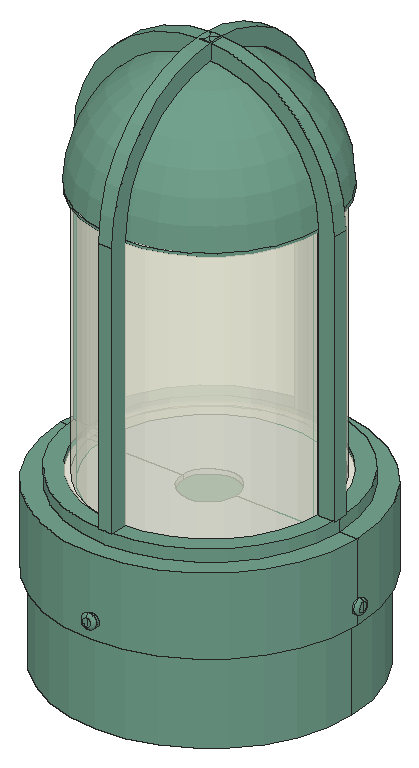
Revit family "PR12", category Generic Models, Revit 2024
Family settings
  Can host rebar = No
  Round Connector Dimension = Use Diameter
  Part Type = Normal
  Work Plane-Based = No
  Always vertical = Yes
  Cut with Voids When Loaded = No
  Maintain Annotation Orientation = No
  Shared = No
  Room Calculation Point = No
Parameters
  Default Elevation = 0' - 0"
Reference planes (in)
  plane 1 "Center (Front/Back)": y = 0
  plane 2: z = 0
  plane 3 "Center (Left/Right)": x = 0
Forms (in)
  Revolve 1, solid
    sketch origin (0, 0, 0) x (1, 0, 0) y (0, 0, 1)
      loop
        line (-3, 3.28125) -> (-3, 0) -> (-0.25, 0) -> (-0.25, 0.09375) -> (-2.90625, 0.09375) -> (-2.90625, 3.1875) -> (-0.568, 3.1875) -> (-0.568, 3.28125) -> (-3, 3.28125)
      axis (0, 3.28125) -> (0, 0)
    angle from 0 to 360
  Revolve 2, solid
    sketch origin (0, 0, 0) x (1, 0, 0) y (0, 0, 1)
      loop
        line (-3.125, 1.74977) -> (-3.03125, 1.74977) -> (-3.03125, 3.28125) -> (-2.65625, 3.28125) -> (-2.65625, 3.53125) -> (-2.41108, 3.53125) -> (-2.41108, 3.625) -> (-2.75, 3.625) -> (-2.75, 3.375) -> (-3.125, 3.375) -> (-3.125, 1.74977)
      axis (0, 3.625) -> (0, 1.74977)
    angle from 0 to 360
  Revolve 3, solid
    sketch origin (0, 0, -0.11551) x (1, 0, 0) y (0, 0, 1)
      loop
        line (-3.22718, 2.22976) -> (-2.90568, 2.22976) -> (-2.90568, 2.37976) -> (-3.16759, 2.37976)
        arc (-3.16759, 2.37976) -> (-3.20973, 2.36231) -> (-3.22718, 2.32017) r 0.0596
        line (-3.22718, 2.32017) -> (-3.22718, 2.22976)
      axis (-2.90568, 2.22976) -> (-3.22718, 2.22976)
    angle from 0 to 360
  Revolve 4, solid
    sketch origin (0, 0, -0.11551) x (0, -1, 0) y (0, 0, 1)
      loop
        line (-3.22718, 2.22976) -> (-2.90568, 2.22976) -> (-2.90568, 2.37976) -> (-3.16759, 2.37976)
        arc (-3.16759, 2.37976) -> (-3.20973, 2.36231) -> (-3.22718, 2.32017) r 0.0596
        line (-3.22718, 2.32017) -> (-3.22718, 2.22976)
      axis (-2.90568, 2.22976) -> (-3.22718, 2.22976)
    angle from 0 to 360
  Revolve 5, solid
    sketch origin (0, 0, -0.11551) x (0, 1, 0) y (0, 0, 1)
      loop
        line (-3.22718, 2.22976) -> (-2.90568, 2.22976) -> (-2.90568, 2.37976) -> (-3.16759, 2.37976)
        arc (-3.16759, 2.37976) -> (-3.20973, 2.36231) -> (-3.22718, 2.32017) r 0.0596
        line (-3.22718, 2.32017) -> (-3.22718, 2.22976)
      axis (-2.90568, 2.22976) -> (-3.22718, 2.22976)
    angle from 0 to 360
  Revolve 6, solid
    sketch origin (0, 0, -0.11551) x (-1, 0, 0) y (0, 0, 1)
      loop
        line (-3.22718, 2.22976) -> (-2.90568, 2.22976) -> (-2.90568, 2.37976) -> (-3.16759, 2.37976)
        arc (-3.16759, 2.37976) -> (-3.20973, 2.36231) -> (-3.22718, 2.32017) r 0.0596
        line (-3.22718, 2.32017) -> (-3.22718, 2.22976)
      axis (-2.90568, 2.22976) -> (-3.22718, 2.22976)
    angle from 0 to 360
  Extrusion 7, solid, material "52"
    sketch origin (0, 0, 1.49985) x (1, 0, 0) y (0, 0, 1)
      loop
        line (-2.75, 2.12515) -> (-2.412, 2.12515) -> (-2.412, 7.5084)
        arc (-2.412, 7.5084) -> (-1.76179, 9.14738) -> (-0.17007, 9.906) r 2.41201
        arc (-0.17007, 9.906) -> (1.64124, 9.26751) -> (2.412, 7.5084) r 2.41201
        line (2.412, 7.5084) -> (2.412, 2.12515) -> (2.75, 2.12515) -> (2.75, 7.491)
        arc (2.75, 7.491) -> (0, 10.25) -> (-2.75, 7.491) r 2.75001
        line (-2.75, 7.491) -> (-2.75, 2.12515)
    from -0.142 to 0.142
  Extrusion 8, solid, material "52"
    sketch origin (0, 0, 1.50206) x (0, 1, 0) y (0, 0, 1)
      loop
        line (-2.75, 2.12294) -> (-2.412, 2.12294) -> (-2.412, 7.5084)
        arc (-2.412, 7.5084) -> (-1.76179, 9.14738) -> (-0.17007, 9.906) r 2.41201
        arc (-0.17007, 9.906) -> (1.64124, 9.26751) -> (2.412, 7.5084) r 2.41201
        line (2.412, 7.5084) -> (2.412, 2.12294) -> (2.75, 2.12294) -> (2.75, 7.491)
        arc (2.75, 7.491) -> (0, 10.25) -> (-2.75, 7.491) r 2.75001
        line (-2.75, 7.491) -> (-2.75, 2.12294)
    from -0.142 to 0.142
  Revolve 9, solid, material "VAPOR GLASS"
    sketch origin (0, 0, 0) x (1, 0, 0) y (0, 0, 1)
      loop
        line (-2.287, 9.00393) -> (-2.287, 3.50704) -> (-2.61952, 3.50704) -> (-2.61952, 3.375) -> (-2.19325, 3.375) -> (-2.19325, 9.00376)
        arc (-2.19325, 9.00376) -> (-1.54803, 10.54944) -> (0, 11.189) r 2.19326
        line (0, 11.189) -> (0, 11.28275)
        arc (0, 11.28275) -> (-1.61426, 10.61579) -> (-2.287, 9.00393) r 2.28701
      axis (0, 11.28275) -> (0, 3.375)
    angle from 0 to 360
  Revolve 10, solid
    sketch origin (0, 0, 1.50166) x (1, 0, 0) y (0, 0, 1)
      loop
        line (-2.412, 7.5084) -> (-2.412, 7.44656) -> (-2.31825, 7.44656) -> (-2.31825, 7.50807)
        arc (-2.31825, 7.50807) -> (-1.6364, 9.1421) -> (0, 9.81825) r 2.31826
        line (0, 9.81825) -> (0, 9.912)
        arc (0, 9.912) -> (-1.70257, 9.20851) -> (-2.412, 7.5084) r 2.41201
      axis (0, 9.912) -> (0, 7.44656)
    angle from 0 to 360
Dimensions and locks (in)
  aligned and locked: plane 2 to level
